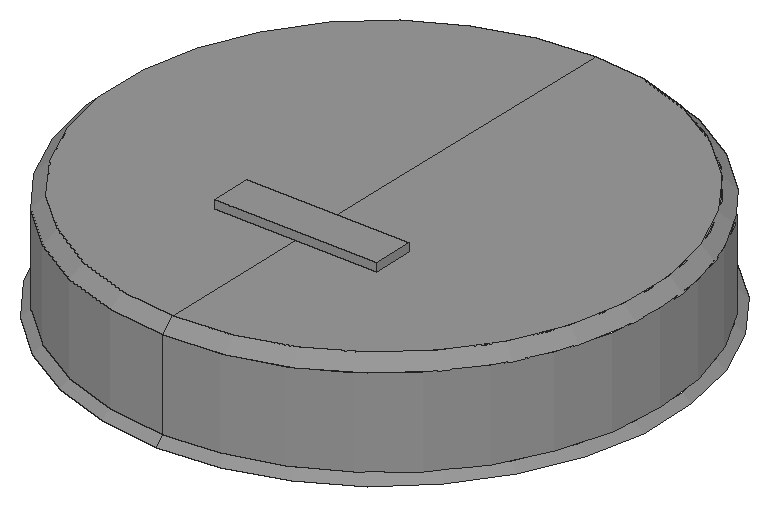
Revit family "2CKA006800A2515", category Electrical Fixtures, host Face, Revit 2014
Parameters
  Default Elevation = 1219.2 mm
Reference planes
  plane 1 "Center (Front/Back)": y = 0
  plane 2: z = 0
  plane 3 "Center (Left/Right)": x = 0
Forms (mm)
  Revolve 1, solid, material "White", detail levels fine
    sketch origin (0, 0, 0) x (0, 1, 0) y (0, 0, 1)
      loop
        line (-68.5, 24) -> (-68.5, 2) -> (-70.5, 0) -> (0, 0) -> (0, 27) -> (-65.5, 27) -> (-68.5, 24)
      axis (0, 27) -> (0, 0)
    angle from 0 to 360
  Extrusion 2, solid, material "White", detail levels medium+fine
    sketch origin (0, 0, 0) x (1, 0, 0) y (0, 1, 0)
      loop
        line (-20.008, -17.401) -> (-20.008, -27.401) -> (20.008, -27.401) -> (20.008, -17.401) -> (-20.008, -17.401)
    from 27 to 29
  Extrusion 3, solid, material "White", detail levels medium
    sketch origin (0, 0, 0) x (1, 0, 0) y (0, 1, 0)
      loop
        circle (0, 0) r 70.5
    from 0 to 27
  Extrusion 4, solid, material "White", detail levels coarse
    sketch origin (0, 0, 0) x (1, 0, 0) y (0, 1, 0)
      loop
        circle (0, 0) r 70.5
    from 0 to 29
Lines and regions (mm)
  reference lines
    curve 1: line (0, 70.5, 0) -> (0, -70.5, 0)
Dimensions and locks
  aligned and locked: plane 2 to host face
  aligned and locked: level to host face
Connectors
  electrical at (0, 0, 0)
    settings: on Revolve 1, index 1, voltage 230 V, apparent load 0 VA, apparent load phase1 0 VA, apparent load phase2 0 VA, apparent load phase3 0 VA, power factor 1, load classification "Other", number of poles 1, system type 31, power factor state 1, is connector primary yes, connector utility no, sub classification motor no, connector description ""
